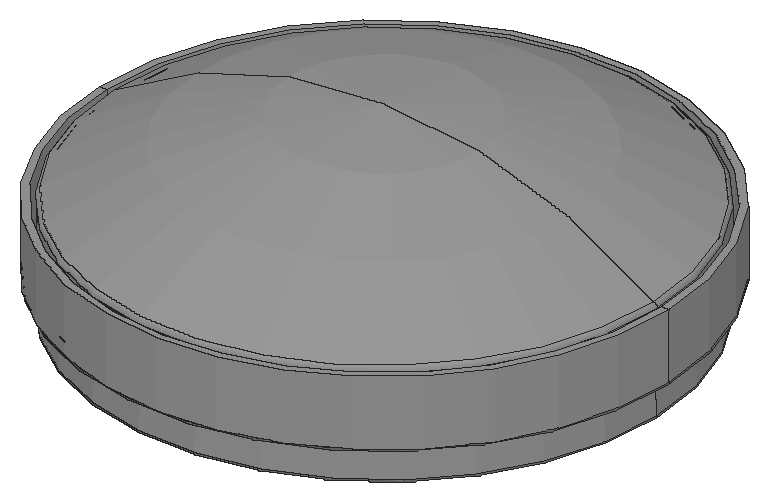
Revit family "3034817 Sylvania Lighting Fixture GIOTTO335 LED G2 3000K SURFACE EMERGENCY", category Lighting Fixtures, host Face, Revit 2016
Family settings
  Host = Face
  Part Type = Normal
  Round Connector Dimension = Use Diameter
  OmniClass Number = 23.80.70.00
  OmniClass Title = Lighting
  Cut with Voids When Loaded = No
  Light Source = Yes
  Shared = No
  Room Calculation Point = No
Parameters (values of type "3034817 GIOTTO335 LED G2 SURFACE 3000K E3")
  Weight = "1.5 kg"
  Wattage Comments = ""
  Wattage = 24 W
  WarrantyStartDate [instance] = "n/a"
  WarrantyGuarantorParts = "n/a"
  WarrantyDurationUnit = "n/a"
  WarrantyDurationParts = "n/a"
  WarrantyDescription = "n/a"
  built-in parameter 1150110 = 1 (stored number, unit not read)
  Voltage = 230 V
  URL = "http://www.sylvania-lighting.com"
  TypeName = "GIOTTO335 LED G2 3000K SURFACE EMERGENCY"
  Type Image = <None>
  Type Comments = "n/a"
  built-in parameter 1114217 = 1 (stored number, unit not read)
  Tilt Angle = -90.00°
  built-in parameter 1150109 = 1 (stored number, unit not read)
  built-in parameter 1150134 = (empty or 0)
  built-in parameter 1150113 = 1 (stored number, unit not read)
  SerialNumber [instance] = "n/a"
  Photometric Web File = "3034817.ies"
  Material_3_SYL = LED-Sylvania
  PowerFactor = 0
  PowerConsumption = "24 W"
  NominalLength = 335 mm
  NominalHeight = 110 mm
  NominalDepth = 335 mm
  Name = "GIOTTO335 LED G2 3000K SURFACE EMERGENCY"
  ModelReference = Name  # "GIOTTO335 LED G2 3000K SURFACE EMERGENCY"
  ModelNumber = "3034817"
  Model = Name  # "GIOTTO335 LED G2 3000K SURFACE EMERGENCY"
  Material = "polycarbonate housing, polycarbonate diffuser"
  ManufacturerName = "Feilo Sylvania"
  Manufacturer = "Feilo Sylvania"
  LuminousEfficacy = "86 lm/W"
  built-in parameter 1150105 = 634.02 (stored number, unit not read)
  Lumens = 2064 lm
  LuminaireType = ""
  built-in parameter 1150115 = 1 (stored number, unit not read)
  LightOutputRatio = "n/a"
  built-in parameter 1150137 = (empty or 0)
  built-in parameter 1150139 = (empty or 0)
  LampsType = Lamp  # "LED"
  LampNominalLuminous = "2056 lm"
  LampMacAdamStep = "n/a"
  LampColourTemperature = "3000 K"
  LampColourRenderingIndex = "80"
  built-in parameter 1150112 = 1 (stored number, unit not read)
  built-in parameter 1150114 = 1 (stored number, unit not read)
  Lamp = "LED"
  Keynote = "16500"
  InstallationDate [instance] = "n/a"
  InputVoltage = "n/a"
  InputNominalFrequency = "n/a"
  built-in parameter 1150132 = (empty or 0)
  built-in parameter 1150102 = (empty or 0)
  built-in parameter 1150107 = 3000 (stored number, unit not read)
  built-in parameter 1150138 = (empty or 0)
  IngressProtection = "IP44"
  ImpactProtectionIndex = "IK10"
  built-in parameter 1150106 = 6.3402 (stored number, unit not read)
  IfcExportType = "IfcLightFixtureType"
  IfcExportAs = "IfcLightFixtureType"
  Height_SYL = 110 mm
  ExpectedLife = 50000
  Emit from Circle Diameter = 317 mm
  Emit Shape Visible in Rendering = no
  ElectricShockClassification = "Class I"
  built-in parameter 1150104 = 7.9897 (stored number, unit not read)
  DurationUnit = "hours"
  DocumentationLiterature = "http://www.sylvania-lighting.com/product/en-int/products/3034817"
  DimmingControlOptions = "n/a"
  Material_2_SYL = Polycarbonate_Sylvania_Giotto_Opal
  Dimming Lamp Color Temperature Shift = <None>
  DiffuserRadius_SYL = 282.611 mm
  Diameter_SYL = 335 mm
  Description = "Ambient and decorative round, surface mounted LED bulkhead luminaire. White robust polycarbonate body with opal diffuser, 2056 lm, 24W, 86lm/W, 3000K, CRI 80, non-dimmable, integral 3 hour maintained emergency, 50,000 hours lumen maintenance. Drive current: 700mA, IP44, IK10, Class I, 220-240V, Energy class: A++, A+, A."
  Default Elevation = 1219.2 mm
  CreatedOn = "9/13/2018"
  CreatedBy = "@sylvania-lighting.com"
  Cost = 0
  Color Filter = 16777215
  built-in parameter 1114216 [instance] = (empty or 0)
  ClassificationValue = "EF_70_80"
  ClassificationName = "Uniclass2015"
  Material_1_SYL = Polycarbonate_Sylvania_Giotto_White
  BarCode [instance] = "n/a"
  built-in parameter 1114218 = 1 (stored number, unit not read)
  built-in parameter 1150133 = 10 (stored number, unit not read)
  AssetType = "Fixed"
  AssetIdentifier [instance] = "n/a"
  Assembly Code = "D5020200"
  Apparent Load = 24 VA
  Material_4_SYL = none
Types (2, lengths in mm): name | Wattage | Photometric Web File | built-in parameter 1150105 | Lumens | built-in parameter 1150132 | built-in parameter 1150106 | Apparent Load
  3034817 GIOTTO335 LED G2 SURFACE 3000K E3 | 24 W | "3034817.ies" | 634.02 (stored number, unit not read) | 2064 lm | (empty or 0) | 6.3402 (stored number, unit not read) | 24 VA
  3034817 GIOTTO335 LED G2 SURFACE 3000K E3 Emergency mode | 1.32558 W | "3034817EM.ies" | 35.018 (stored number, unit not read) | 114 lm | 2 | 0.35018 (stored number, unit not read) | 1.33 VA
Reference planes
  plane 1 "Center (Front/Back)": y = 0
  plane 2: z = 0
  plane 3 "Center (Left/Right)": x = 0
  plane 4: x = 167.5
  plane 5: x = -167.5
  plane 6: x = -160.5
  plane 7: x = -163.5
  plane 8: z = 110
  plane 9: z = 60
  plane 10: z = 20
  plane 11: z = 25
  plane 12: x = -165.9
  plane 13: z = 21.6
  plane 14: z = 1.6
  plane 15: x = -158.9
  plane 16: z = 19
  plane 17: x = -161.5
  plane 18: z = 26
Forms (mm)
  Revolve 1, solid, material "Polycarbonate_Sylvania_Giotto_White" <- "Material_1_SYL"
    sketch origin (0, 0, 0) x (1, 0, 0) y (0, 0, 1)
      loop
        line (0, 0) -> (0, 26) -> (-158.9, 26) -> (-158.9, 25) -> (-163.5, 25) -> (-163.5, 60) -> (-167.5, 60) -> (-167.5, 21.6)
        arc (-167.5, 21.6) -> (-167.031, 20.469) -> (-165.9, 20) r 1.6
        line (-165.9, 20) -> (-160.5, 20)
        arc (-160.5, 20) -> (-160.193, 19.541) -> (-160.086, 19) r 1.414
        line (-160.086, 19) -> (-160.5, 1.6)
        arc (-160.5, 1.6) -> (-160.031, 0.469) -> (-158.9, 0) r 1.6
        line (-158.9, 0) -> (0, 0)
      axis (0, 60) -> (0, 0)
    angle from 360 to 0
  Revolve 2, solid, material "Polycarbonate_Sylvania_Giotto_Opal" <- "Material_2_SYL"
    sketch origin (0, 0, 0) x (1, 0, 0) y (0, 0, 1)
      loop
        line (-160.5, 25) -> (-158.5, 25) -> (-158.5, 57.891)
        arc (-158.5, 57.891) -> (-158.267, 58.827) -> (-157.623, 59.545) r 2
        arc (-157.623, 59.545) -> (-82.451, 95.612) -> (0, 107.998) r 280.611
        line (0, 107.998) -> (0, 109.998)
        arc (0, 109.998) -> (-83.039, 97.523) -> (-158.747, 61.2) r 282.611
        arc (-158.747, 61.2) -> (-160.035, 59.763) -> (-160.5, 57.891) r 4
        line (-160.5, 57.891) -> (-160.5, 25)
      axis (0, 109.998) -> (0, 25)
    angle from 360 to 0
Dimensions and locks
  equal spacing: plane 4, plane 3 "Center (Left/Right)", plane 5
  "Diameter_SYL": plane 4 to plane 5
  locked: plane 6 to plane 5 at 7
  locked: plane 7 to plane 5 at 4
  "Height_SYL": plane 8 to plane 2
  locked: plane 8 to plane 9 at 50
  locked: plane 9 to plane 10 at 40
  Revolve 1 sketch curve to Revolve 1 sketch curve = 5.4 mm
  locked: plane 11 to plane 10 at 5
  locked: plane 12 to plane 5 at 1.6
  locked: plane 13 to plane 10 at 1.6
  locked: plane 14 to plane 2 at 1.6
  locked: plane 15 to plane 6 at 1.6
  locked: plane 6 to plane 17 at 1
  locked: plane 10 to plane 16 at 1
  locked: plane 18 to plane 11 at 1
  "DiffuserRadius_SYL": radius of Revolve 2 sketch curve
  aligned and locked: plane 2 to host face
  aligned and locked: level to host face
  aligned and locked: Revolve 1 sketch curve to plane 3 "Center (Left/Right)"
  aligned and locked: level to Revolve 1 sketch curve
  aligned and locked: Revolve 1 sketch curve to plane 10
  aligned and locked: plane 9 to Revolve 1 sketch curve
  aligned and locked: Revolve 1 sketch curve to plane 7
  aligned and locked: plane 12 to Revolve 1 sketch curve  (x2)
  aligned and locked: plane 13 to Revolve 1 sketch curve  (x2)
  aligned and locked: plane 17 to Revolve 1 sketch curve
  aligned and locked: plane 16 to Revolve 1 sketch curve  (x2)
  aligned and locked: plane 15 to Revolve 1 sketch curve  (x3)
  aligned and locked: plane 14 to Revolve 1 sketch curve  (x2)
  aligned and locked: Revolve 2 sketch curve to plane 3 "Center (Left/Right)"
  aligned and locked: plane 6 to Revolve 2 sketch curve
  aligned and locked: Revolve 2 sketch curve to Revolve 2 sketch curve
  aligned and locked: plane 3 "Center (Left/Right)" to imposter light
  aligned and locked: imposter light to plane 1 "Center (Front/Back)"
  aligned and locked: plane 18 to Revolve 1 sketch curve
  aligned and locked: plane 11 to Revolve 1 sketch curve
  aligned and locked: plane 11 to Revolve 2 sketch curve
  aligned and locked: plane 3 "Center (Left/Right)" to Revolve 2 sketch curve
  aligned and locked: imposter light to plane 8
Automatic sketch dimensions
  host sketch curve to host sketch curve = 2438.4 mm  (x2)
  Revolve 1 sketch curve to plane 3 "Center (Left/Right)" = 0 mm
  Revolve 1 sketch curve to level = 609.6 mm
  Revolve 1 sketch curve to plane 8 = 2499.058 mm
  Revolve 2 sketch curve to Revolve 2 sketch curve = 0 mm  (x3)
  plane 15 to Revolve 2 sketch curve = 0.4 mm
  Revolve 2 sketch curve to Revolve 2 sketch curve = 2 mm  (x2)
  Revolve 2 sketch curve to level = 172.613 mm
  plane 9 to Revolve 2 sketch curve = 2.109 mm
  Revolve 2 sketch curve to Revolve 2 sketch curve = 436.987 mm
  Revolve 2 sketch curve to plane 8 = 2499.058 mm
Connectors
  electrical at (0, 0, 0), driven by "Apparent Load", driven by "PowerFactor", driven by "Voltage"
    settings: index 1, voltage 230 V, apparent load 24 VA, apparent load phase1 0 VA, apparent load phase2 0 VA, apparent load phase3 0 VA, power factor 0, load classification "Lighting", number of poles 1, system type 30, power factor state 1, is connector primary yes, connector utility no, sub classification motor no, connector description ""
